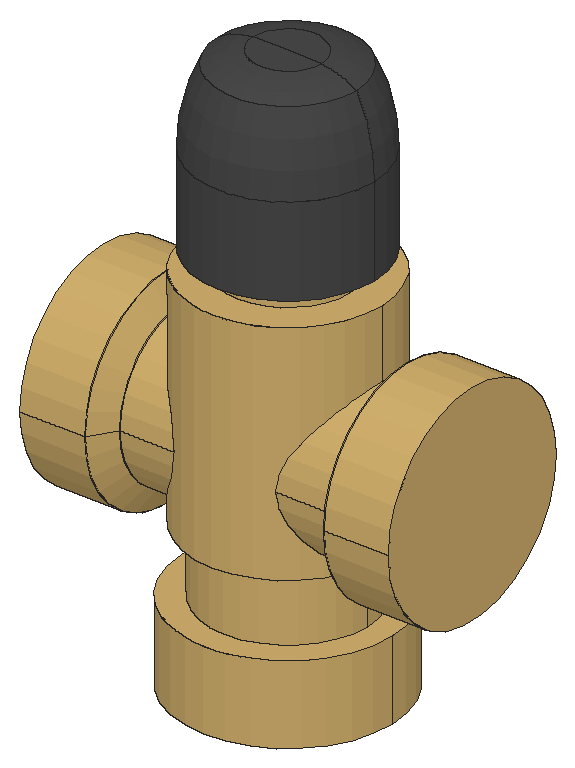
Revit family "TVM-H_DN20-25_RFA", category Pipe Accessories, Revit 2019
Family settings
  Round Connector Dimension = Use Diameter
  Part Type = Valve - Breaks Into
  Work Plane-Based = No
  Always vertical = Yes
  Cut with Voids When Loaded = No
  Shared = No
Parameters (values of type "TVM-H_DN25_003Z1127")
  Weight = 0.77 kg
  Valve Body Material = Danfoss Brass
  URL = "https://store.danfoss.com/en/Climate-Solutions-for-heating/Hydronic-Balancing-and-Control/Other-products/Mixing-valves/c/11748?q=%3Arelevance%3Adanfoss_producttypehierarchydesc%3Ab63c327546d169762cd3bf4efc47b82c558986af&text="
  R_V1 = 16 mm
  Pressure Drop [instance] = 0.0 Pa
  Model Type = "TVM-H_DN25"
  Model = "003Z1127"
  Min Medium Temperature = "30 °C"  # constant formula
  Max Working Temperature = "100 °C"  # constant formula
  Max Static Pressure = "10 bar"  # constant formula
  Max Medium Temperature = "70 °C"  # constant formula
  Max Differential Pressure = "5 bar"  # constant formula
  Manufacturer = "Danfoss"  # constant formula
  LOD 350 = not(LOD 200)  # yes
  LOD 200 = no
  L2 = 3 mm
  L1 = 13 mm
  L = 74 mm
  Kvs = 3.0 m³/h
  IfcExportType = "TVM-H"  # constant formula
  IfcExportAs = "IfcValveType"  # constant formula
  H_B2 = 13.3 mm
  H_B1 = 16 mm
  H_B = 45.1 mm
  H2 = 4 mm
  H1 = 29.5 mm
  H = 68.8 mm
  Flow [instance] = 0.0 m³/h
  Description = "Thermostatic Mixing Valve"  # constant formula
  D_Thread = 42 mm
  D_B3 = 32 mm
  D_B2 = 25 mm
  D_B1 = 38 mm
  D = 25 mm
  Connection = "External Thread"  # constant formula
Types (3, lengths in mm): name | Weight | Model Type | Model | L2 | Kvs | D_Thread | D
  (no name) | 0.77 kg | "TVM-H_DN25" | "003Z1127" | 3 | 3.0 m³/h | 42 | 25
  TVM-H_DN20_003Z1120 | 0.58 kg | "TVM-H_DN20" | "003Z1120" | 1.5 | 1.9 m³/h | 33.3 | 20
  TVM-H_DN25_003Z1127 | 0.77 kg | "TVM-H_DN25" | "003Z1127" | 3 | 3.0 m³/h | 42 | 25
Reference planes
  plane 1 "Center (Front/Back)": y = 0
  plane 2: z = 0
  plane 3 "Center (Left/Right)": x = 0
  plane 4: x = 37
  plane 5: x = -37
  plane 6: x = -24
  plane 7: x = 24
  plane 8: z = 29.5
  plane 9: z = 29.5
  plane 10: z = 33.5
  plane 11: z = 68.8
  plane 12: z = -16
  plane 13: z = -29.3
  plane 14: z = -45.1
  plane 15: x = -21
  plane 16: x = 21
Forms (mm)
  Extrusion 1, solid, material "Danfoss Brass" <- "Valve Body Material", visible <- "LOD 350", detail levels fine
    sketch origin (0, 0, 0) x (0, 1, 0) y (0, 0, 1)
      loop
        circle (0, 0) r 21
    from -37 to -24
  Extrusion 2, solid, material "Danfoss Brass" <- "Valve Body Material", visible <- "LOD 200", detail levels fine
    sketch origin (0, 0, 0) x (0, 1, 0) y (0, 0, 1)
      loop
        circle (0, 0) r 21
    from -37 to 37
  Extrusion 3, solid, material "Danfoss Brass" <- "Valve Body Material", visible <- "LOD 350", detail levels fine
    sketch origin (0, 0, 0) x (0, 1, 0) y (0, 0, 1)
      loop
        circle (0, 0) r 21
    from 24 to 37
  Extrusion 4, solid, material "Danfoss Brass" <- "Valve Body Material", visible <- "LOD 350", detail levels fine
    sketch origin (0, 0, 0) x (1, 0, 0) y (0, 1, 0)
      loop
        circle (0, 0) r 19
    from -16 to 29.5
  Extrusion 5, solid, material "Danfoss Brass" <- "Valve Body Material", visible <- "LOD 350", detail levels fine
    sketch origin (0, 0, 0) x (1, 0, 0) y (0, 1, 0)
      loop
        circle (0, 0) r 12.5
    from 29.5 to 33.5
  Revolve 6, solid, material "Danfoss Plastic Black", visible <- "LOD 350", detail levels fine
    sketch origin (0, 0, 0) x (1, 0, 0) y (0, 0, 1)
      loop
        line (0, 68.8) -> (-6.818, 68.8)
        arc (-6.818, 68.8) -> (-10.461, 68.018) -> (-13.819, 66.402) r 15.756
        arc (-13.819, 66.402) -> (-16.567, 59.073) -> (-17.5, 51.303) r 32.81
        line (-17.5, 51.303) -> (-17.5, 33.5) -> (0, 33.5) -> (0, 68.8)
      axis (0, 33.5) -> (0, 68.8)
    angle from 0 to 360
  Extrusion 7, solid, material "Danfoss Brass" <- "Valve Body Material", visible <- "LOD 350", detail levels fine
    sketch origin (0, 0, 0) x (1, 0, 0) y (0, 1, 0)
      loop
        circle (0, 0) r 16
    from -29.3 to -16
  Extrusion 8, solid, material "Danfoss Brass" <- "Valve Body Material", visible <- "LOD 350", detail levels fine
    sketch origin (0, 0, 0) x (1, 0, 0) y (0, 1, 0)
      loop
        circle (0, 0) r 21
    from -45.1 to -29.3
  Extrusion 9, solid, material "Danfoss Brass" <- "Valve Body Material", visible <- "LOD 200", detail levels fine
    sketch origin (0, 0, 0) x (1, 0, 0) y (0, 1, 0)
      loop
        circle (0, 0) r 19
    from -45.1 to 33.5
  Extrusion 10, solid, material "Danfoss Plastic Black", visible <- "LOD 200", detail levels fine
    sketch origin (0, 0, 0) x (1, 0, 0) y (0, 1, 0)
      loop
        circle (0, 0) r 17.5
    from 33.5 to 68.8
  Blend 11, solid, material "Danfoss Brass" <- "Valve Body Material", visible <- "LOD 350", detail levels fine
    base sketch origin (0, 0, 0) x (0, 1, 0) y (0, 0, 1)
      loop
        circle (0, 0) r 21
    top sketch origin (0, 0, 0) x (0, 1, 0) y (0, 0, 1)
      loop
        circle (0, 0) r 16
    from -24 to -21
  Blend 12, solid, material "Danfoss Brass" <- "Valve Body Material", visible <- "LOD 350", detail levels fine
    base sketch origin (0, 0, 0) x (0, 1, 0) y (0, 0, -1)
      loop
        circle (0, 0) r 21
    top sketch origin (0, 0, 0) x (0, 1, 0) y (0, 0, -1)
      loop
        circle (0, 0) r 16
    from -24 to -21
  Extrusion 13, solid, material "Danfoss Brass" <- "Valve Body Material", visible <- "LOD 350", detail levels fine
    sketch origin (0, 0, 0) x (0, 1, 0) y (0, 0, 1)
      loop
        circle (0, 0) r 16
    from -21 to 21
Dimensions and locks
  "L": plane 4 to plane 5
  equal spacing: plane 4, plane 3 "Center (Left/Right)", plane 5
  "L1": plane 6 to plane 5
  "L1": plane 4 to plane 7
  "H": plane 11 to level
  "H_B": level to plane 14
  "H_B1": level to plane 12
  "H_B2": plane 12 to plane 13
  Revolve 6 sketch curve to Revolve 6 sketch curve = 17.5 mm
  Revolve 6 sketch curve to Revolve 6 sketch curve = 17.803 mm
  Revolve 6 sketch curve to Revolve 6 sketch curve = 15.541 mm
  Revolve 6 sketch curve to Revolve 6 sketch curve = 7.401 mm
  "L2": plane 15 to plane 6
  "L2": plane 7 to plane 16
  "D_B1": diameter of Extrusion 4 sketch curve
  "D_B2": diameter of Extrusion 5 sketch curve
  "D_B3": diameter of Extrusion 7 sketch curve
  "D_Thread": diameter of Extrusion 8 sketch curve
  "D_B1": diameter of Extrusion 9 sketch curve
  radius of Extrusion 10 sketch curve = 17.5 mm
  "R_V1": radius of Blend 11 sketch curve
  "R_V1": radius of Blend 12 sketch curve
  "R_V1": radius of Extrusion 13 sketch curve
  "D_Thread": diameter of Extrusion 1 sketch curve
  "D_Thread": diameter of Blend 11 sketch curve
  "D_Thread": diameter of Extrusion 3 sketch curve
  "D_Thread": diameter of Blend 12 sketch curve
  "D_Thread": diameter of Extrusion 2 sketch curve
  aligned and locked: level to plane 2
  aligned and locked: level to Extrusion 1 sketch curve
  aligned and locked: plane 1 "Center (Front/Back)" to Extrusion 1 sketch curve
  aligned and locked: Extrusion 1 to plane 5
  aligned and locked: plane 6 to Extrusion 1
  aligned and locked: level to Extrusion 2 sketch curve
  aligned and locked: plane 1 "Center (Front/Back)" to Extrusion 2 sketch curve
  aligned and locked: level to Extrusion 3 sketch curve
  aligned and locked: plane 1 "Center (Front/Back)" to Extrusion 3 sketch curve
  aligned and locked: Extrusion 3 to plane 7
  aligned and locked: plane 4 to Extrusion 3
  aligned and locked: plane 1 "Center (Front/Back)" to Extrusion 4 sketch curve
  aligned and locked: plane 3 "Center (Left/Right)" to Extrusion 4 sketch curve
  aligned and locked: plane 9 to Extrusion 4
  aligned and locked: Extrusion 4 to plane 12
  aligned and locked: plane 1 "Center (Front/Back)" to Extrusion 5 sketch curve
  aligned and locked: plane 3 "Center (Left/Right)" to Extrusion 5 sketch curve
  aligned and locked: plane 10 to Extrusion 5
  aligned and locked: Revolve 6 sketch curve to plane 3 "Center (Left/Right)"
  aligned and locked: Revolve 6 sketch curve to plane 10
  aligned and locked: Revolve 6 sketch curve to plane 11
  aligned and locked: plane 3 "Center (Left/Right)" to Revolve 6 sketch curve
  aligned and locked: plane 1 "Center (Front/Back)" to Extrusion 7 sketch curve
  aligned and locked: plane 3 "Center (Left/Right)" to Extrusion 7 sketch curve
  aligned and locked: Extrusion 7 to plane 13
  aligned and locked: plane 12 to Extrusion 7
  aligned and locked: Extrusion 8 to plane 14
  aligned and locked: plane 13 to Extrusion 8
  aligned and locked: plane 1 "Center (Front/Back)" to Extrusion 9 sketch curve
  aligned and locked: plane 3 "Center (Left/Right)" to Extrusion 9 sketch curve
  aligned and locked: plane 10 to Extrusion 9
  aligned and locked: plane 1 "Center (Front/Back)" to Extrusion 10 sketch curve
  aligned and locked: plane 3 "Center (Left/Right)" to Extrusion 10 sketch curve
  aligned and locked: Extrusion 10 to plane 10
  aligned and locked: plane 11 to Extrusion 10
  aligned and locked: level to Blend 11 sketch curve  (x2)
  aligned and locked: plane 1 "Center (Front/Back)" to Blend 11 sketch curve  (x2)
  aligned and locked: Blend 11 to plane 6
  aligned and locked: plane 15 to Blend 11
  aligned and locked: Blend 12 to plane 16
  aligned and locked: plane 7 to Blend 12
  aligned and locked: level to Blend 12 sketch curve  (x2)
  aligned and locked: plane 1 "Center (Front/Back)" to Blend 12 sketch curve  (x2)
  aligned and locked: level to Extrusion 13 sketch curve
  aligned and locked: plane 1 "Center (Front/Back)" to Extrusion 13 sketch curve
  aligned and locked: Extrusion 13 to plane 15
  aligned and locked: plane 16 to Extrusion 13
  aligned and locked: plane 3 "Center (Left/Right)" to nested 1
  aligned and locked: plane 1 "Center (Front/Back)" to nested 1
  aligned and locked: Extrusion 9 to plane 14
  aligned and locked: Extrusion 2 to plane 5
  aligned and locked: plane 4 to Extrusion 2
Automatic sketch dimensions
  Revolve 6 sketch curve to plane 3 "Center (Left/Right)" = 6.818 mm
  Revolve 6 sketch curve to plane 3 "Center (Left/Right)" = 5.355 mm
  Revolve 6 sketch curve to plane 8 = 4.413 mm
  plane 11 to Revolve 6 sketch curve = 16.087 mm
  plane 1 "Center (Front/Back)" to Extrusion 8 sketch curve = 0 mm
  Extrusion 8 sketch curve to plane 3 "Center (Left/Right)" = 0 mm
Nested families
  nested 1: "Schematic_Mixing Valve" at (0, 0, 0), type "Schematic_Mixing Valve", detail levels coarse+medium
Connectors
  piping at (37, 0, 0), diameter 25, driven by "D", driven by "Flow"
    settings: on Extrusion 3, index 1, connector inside diameter 609.6 mm, connector length 0 mm, flow factor 0, pipe flow 0.0 m³/h, pressure drop 0.0 Pa, fitting loss kfactor 0, connector angle 0.00°, fixture units 0, engagement length 0 mm, angle of deflection 0.00°, flow configuration 0, flow direction 1, fitting loss method 0, system type 20, joint type 0, gender type 0, connector reference index 2, connector utility 0, adjustable connector no, is connector primary no, connector description ""
  piping at (-37, 0, 0), diameter 25, driven by "D", driven by "Flow"
    settings: on Extrusion 1, index 2, connector inside diameter 609.6 mm, connector length 0 mm, flow factor 0, pipe flow 0.0 m³/h, pressure drop 0.0 Pa, fitting loss kfactor 0, connector angle 0.00°, fixture units 0, engagement length 0 mm, angle of deflection 0.00°, flow configuration 0, flow direction 1, fitting loss method 0, system type 19, joint type 0, gender type 0, connector reference index 1, connector utility 0, adjustable connector no, is connector primary no, connector description ""
  piping at (0, 0, -45.1), diameter 25, driven by "D", driven by "Flow"
    settings: on Extrusion 8, index 3, connector inside diameter 609.6 mm, connector length 0 mm, flow factor 0, pipe flow 0.0 m³/h, pressure drop 0.0 Pa, fitting loss kfactor 0, connector angle 0.00°, fixture units 0, engagement length 0 mm, angle of deflection 0.00°, flow configuration 0, flow direction 2, fitting loss method 0, system type 19, joint type 0, gender type 0, connector reference index -1, connector utility 0, adjustable connector no, is connector primary yes, connector description ""
Definition of nested family "Schematic_Mixing Valve"
  Parameters (values of type "Schematic_Mixing Valve")
    L = 80 mm
    D = 33.2 mm
  Reference planes
    plane 1 "Center (Front/Back)": y = 0
    plane 2: z = 0
    plane 3 "Center (Left/Right)": x = 0
    plane 4: z = 16.6
    plane 5: z = -16.6
    plane 6: x = -40
    plane 7: x = 40
    plane 8: x = 16.6
    plane 9: x = -16.6
    plane 10: z = -33.2
    plane 11: y = -33.2
    plane 12: y = 16.6
    plane 13: y = -16.6
  Lines and regions (mm)
    model lines
      curve 1: line (0, 0, 0) -> (-16.6, 0, -33.2)
      curve 2: line (0, 0, 0) -> (16.6, 0, -33.2)
      curve 3: line (16.6, 0, -33.2) -> (-16.6, 0, -33.2)
      curve 4: line (0, 0, 0) -> (40, 0, 16.6)
      curve 5: line (40, 0, 16.6) -> (40, 0, -16.6)
      curve 6: line (40, 0, -16.6) -> (0, 0, 0)
      curve 7: line (0, 0, 0) -> (-40, 0, 16.6)
      curve 8: line (-40, 0, 16.6) -> (-40, 0, -16.6)
      curve 9: line (-40, 0, -16.6) -> (0, 0, 0)
    symbolic lines
      curve 10: line (0, 0, 0) -> (40, 16.6, 0)
      curve 11: line (40, 16.6, 0) -> (40, -16.6, 0)
      curve 12: line (40, -16.6, 0) -> (0, 0, 0)
      curve 13: line (0, 0, 0) -> (-40, 16.6, 0)
      curve 14: line (-40, 16.6, 0) -> (-40, -16.6, 0)
      curve 15: line (-40, -16.6, 0) -> (0, 0, 0)
      curve 16: line (0, 0, 0) -> (16.6, -33.2, 0)
      curve 17: line (16.6, -33.2, 0) -> (-16.6, -33.2, 0)
      curve 18: line (0, 0, 0) -> (-16.6, -33.2, 0)
  Dimensions and locks
    "D": plane 4 to plane 5
    equal spacing: plane 4, level, plane 5
    "D": plane 8 to plane 9
    equal spacing: plane 8, plane 3 "Center (Left/Right)", plane 9
    plane 9 to plane 8 = 33.2 mm
    equal spacing: plane 9, plane 3 "Center (Left/Right)", plane 8
    "D": plane 13 to plane 12
    equal spacing: plane 13, plane 1 "Center (Front/Back)", plane 12
    equal spacing: plane 7, plane 3 "Center (Left/Right)", plane 6
    "L": plane 7 to plane 6
    "D": plane 2 to plane 10
    "D": plane 11 to plane 1 "Center (Front/Back)"
    aligned and locked: level to plane 2
    aligned and locked: plane 10 to curve 3
    aligned and locked: curve 5 to plane 7
    aligned and locked: curve 8 to plane 6
  Automatic sketch dimensions
    curve 13 to plane 6 = 0 mm
    curve 18 to plane 9 = 0 mm
    plane 1 "Center (Front/Back)" to curve 15 = 0 mm
    curve 15 to plane 3 "Center (Left/Right)" = 0 mm
    curve 16 to plane 8 = 0 mm
    curve 12 to plane 7 = 0 mm
    plane 11 to curve 17 = 0 mm
    plane 13 to curve 12 = 0 mm
    plane 13 to curve 15 = 0 mm
    plane 12 to curve 13 = 0 mm
    plane 12 to curve 11 = 0 mm
    curve 3 to plane 9 = 0 mm
    curve 6 to plane 3 "Center (Left/Right)" = 0 mm
    curve 2 to plane 8 = 0 mm
    curve 6 to plane 5 = 0 mm
    curve 9 to plane 5 = 0 mm
    curve 5 to plane 4 = 0 mm
    curve 7 to plane 4 = 0 mm
    curve 1 to level = 0 mm
